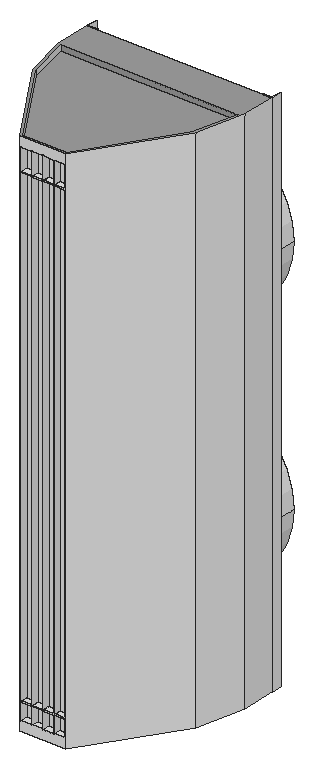
Revit family "Guard Pro 150E", category Wyposażenie mechaniczne, Revit 2018
Family settings
  Wymiar okrągłego złącza = Użyj średnicy
  Klasyfikacja = Brak
  Typ części = Normalny
  Oparty na płaszczyźnie roboczej = Nie
  Zawsze pionowo = Tak
  Tnij formami wycięć po wczytaniu = Nie
  Współdzielony = Nie
  Punkt obliczania pomieszczeń = Nie
Parameters (values of type "Guard Pro 150E")
  материал = Powder lak coated Steel
  двигатель потребление тока = 2.4 A
  Скорость воздушного потока [instance] = 0.0 m/s
  Потребление тока = 17 A
  Номинальная тепловая мощность [instance] = 14000 W
  Напряжение питания нагревателя = 400 V
  Напряжение питания = 230 V
  Мощность электродвигателя = 500 W
  Масса = 45.00 kg
  Максимальный расход воздуха = 6700 m³/h
  Максимальная высота двери = 8 mm
  Класс защиты = "IP54"
  Длина завесы = 1500 mm
  Диаметры патрубков = "19.1"
  Opis = "Промышленная воздушно-тепловая завеса"
  Fan3 = no
  высота вентилятора 2 = 1088 mm
  высота вентилятора 1 = 412 mm
  Producent = "SONNIGER Polska Sp. z o.o. Sp. k."
  Model = "Guard Pro 150W"
  Autor = "www.archispace.pl"
Reference planes
  plane 1 "Środek (Przód/Tył)": y = 0
  plane 2: z = 0
  plane 3 "Środek (Lewa/Prawa)": x = 0
  plane 4 "wysokość": z = 1500
Forms (mm)
  Extrusion 1, solid, material "Powder lak coated Steel" <- "материал"
    sketch origin (0, 0, 0) x (1, 0, 0) y (0, 1, 0)
      loop
        line (-260, 0) -> (-260, -98) -> (-228.987, -228) -> (-64, -480) -> (64, -480) -> (228.987, -228) -> (260.988, -93.861) -> (260.988, 0) -> (-260, 0)
    from 0 to 1500
  Extrusion 2, void, detail levels fine
    sketch origin (-64, -480, 0) x (-1, 0, 0) y (0, 0, 1)
      loop
        line (-31.536, 1410.02) -> (-31.536, 75.02) -> (-1.411, 75.02) -> (-1.411, 1410.02) -> (-31.536, 1410.02)
      loop
        line (-33.036, 1410.02) -> (-63.161, 1410.02) -> (-63.161, 75.02) -> (-33.036, 75.02) -> (-33.036, 1410.02)
      loop
        line (-64.661, 75.02) -> (-64.661, 1410.02) -> (-94.786, 1410.02) -> (-94.786, 75.02) -> (-64.661, 75.02)
      loop
        line (-96.411, 1410.02) -> (-126.411, 1410.02) -> (-126.411, 75.02) -> (-96.411, 75.02) -> (-96.411, 1410.02)
      loop
        line (-96.411, 1411.52) -> (-96.411, 1474.42) -> (-126.411, 1474.42) -> (-126.411, 1411.52) -> (-96.411, 1411.52)
      loop
        line (-94.786, 1411.52) -> (-64.661, 1411.52) -> (-64.661, 1474.42) -> (-94.786, 1474.42) -> (-94.786, 1411.52)
      loop
        line (-63.161, 1411.52) -> (-33.036, 1411.52) -> (-33.036, 1474.42) -> (-63.161, 1474.42) -> (-63.161, 1411.52)
      loop
        line (-31.536, 1411.52) -> (-1.411, 1411.52) -> (-1.411, 1474.42) -> (-31.536, 1474.42) -> (-31.536, 1411.52)
      loop
        line (-1.411, 25.62) -> (-1.411, 73.52) -> (-31.536, 73.52) -> (-31.536, 25.62) -> (-1.411, 25.62)
      loop
        line (-33.036, 73.52) -> (-63.161, 73.52) -> (-63.161, 25.62) -> (-33.036, 25.62) -> (-33.036, 73.52)
      loop
        line (-64.661, 73.52) -> (-94.786, 73.52) -> (-94.786, 25.62) -> (-64.661, 25.62) -> (-64.661, 73.52)
      loop
        line (-96.286, 73.52) -> (-126.411, 73.52) -> (-126.411, 25.62) -> (-96.286, 25.62) -> (-96.286, 73.52)
    from 0 to 20
  Extrusion 3, solid, material "Powder lak coated Steel" <- "материал"
    sketch origin (-1359.541, 0, 0) x (1, 0, 0) y (0, 0, -1)
      loop
        circle (1360.528, -412) r 242
    from 0 to 98
  Extrusion 4, solid, material "Powder lak coated Steel" <- "материал"
    sketch origin (-1359.541, 0, 676) x (1, 0, 0) y (0, 0, -1)
      loop
        circle (1360.528, -412) r 242
    from 0 to 98
  Extrusion 5, solid, material "Powder lak coated Steel" <- "материал", detail levels coarse
    sketch origin (-1359.541, 98, 676) x (1, 0, 0) y (0, 0, -1)
      loop
        circle (1358.702, -412) r 40.77
    from 0 to 28.5
  Extrusion 6, solid, material "Powder lak coated Steel" <- "материал", detail levels coarse
    sketch origin (-1359.541, 98, 0) x (1, 0, 0) y (0, 0, -1)
      loop
        circle (1359.541, -412) r 41.364
    from 0 to 28.5
  Extrusion 7, solid, material "Powder lak coated Steel" <- "материал", detail levels medium+fine
    sketch origin (0, 0, 0) x (1, 0, 0) y (0, 1, 0)
      loop
        line (-257.512, 2.502) -> (-257.512, 30) -> (-259.012, 30) -> (-259.012, 2.5)
        arc (-259.012, 2.5) -> (-258.28, 0.732) -> (-256.512, 0) r 2.5
        line (-256.512, 0) -> (-231.985, 0) -> (-231.985, 1.5) -> (-256.512, 1.5)
        arc (-256.512, 1.5) -> (-257.22, 1.795) -> (-257.512, 2.502) r 1
      loop
        line (259.488, 30) -> (259.488, 2.5)
        arc (259.488, 2.5) -> (259.195, 1.793) -> (258.488, 1.5) r 1
        line (258.488, 1.5) -> (233.988, 1.5) -> (233.988, 0) -> (258.488, 0)
        arc (258.488, 0) -> (260.255, 0.735) -> (260.988, 2.503) r 2.5
        line (260.988, 2.503) -> (260.988, 30) -> (259.488, 30)
    from 0 to 1500
  Extrusion 8, void, detail levels medium+fine
    sketch origin (0, 0, 0) x (1, 0, 0) y (0, 1, 0)
      loop
        line (60.875, -473.318) -> (221.487, -228) -> (250.687, -105.6) -> (-250.687, -105.6) -> (-221.487, -228) -> (-60.875, -473.318) -> (60.875, -473.318)
    from 1485.666 to 2433.194
  Extrusion 9, void, detail levels medium+fine
    sketch origin (0, 0, 0) x (1, 0, 0) y (0, 1, 0)
      loop
        line (-221.487, -228) -> (-60.875, -473.318) -> (60.875, -473.318) -> (221.487, -228) -> (250.687, -105.6) -> (-250.687, -105.6) -> (-221.487, -228)
    from -69.313 to 11.43
  Extrusion 10, solid, detail levels medium+fine
    sketch origin (-1359.541, 98, 676) x (1, 0, 0) y (0, 0, -1)
      loop
        line (1345.504, 225.295) -> (1372.553, 225.295)
        arc (1372.553, 225.295) -> (1388.02, 235.009) -> (1397.733, 250.475) r 41
        line (1397.733, 250.475) -> (1397.733, 277.525)
        arc (1397.733, 277.525) -> (1388.02, 292.991) -> (1372.553, 302.705) r 41
        line (1372.553, 302.705) -> (1345.504, 302.705)
        arc (1345.504, 302.705) -> (1330.037, 292.991) -> (1320.323, 277.525) r 41
        line (1320.323, 277.525) -> (1320.323, 250.475)
        arc (1320.323, 250.475) -> (1330.037, 235.009) -> (1345.504, 225.295) r 41
    from 0 to 28.5
  Extrusion 11, solid, detail levels medium+fine
    sketch origin (-1359.541, 98, 1352.306) x (1, 0, 0) y (0, 0, -1)
      loop
        line (1345.504, 225.601) -> (1372.553, 225.601)
        arc (1372.553, 225.601) -> (1388.02, 235.314) -> (1397.733, 250.781) r 41
        line (1397.733, 250.781) -> (1397.733, 277.83)
        arc (1397.733, 277.83) -> (1388.02, 293.297) -> (1372.553, 303.011) r 41
        line (1372.553, 303.011) -> (1345.504, 303.011)
        arc (1345.504, 303.011) -> (1330.037, 293.297) -> (1320.323, 277.83) r 41
        line (1320.323, 277.83) -> (1320.323, 250.781)
        arc (1320.323, 250.781) -> (1330.037, 235.314) -> (1345.504, 225.601) r 41
    from 0 to 28.5
Cuts and joins
  Extrusion 2, Extrusion 8, Extrusion 9 cuts Extrusion 1
Lines and regions (mm)
  Split face 1
    outline origin (228.987, -228, 1500) x (0, 0, -1) y (0.23205, 0.972704, 0)
      loop
        line (32.508, 13.225) -> (268.508, 13.225) -> (268.508, 75.225) -> (32.508, 75.225) -> (32.508, 13.225)
Dimensions and locks
  "Длина завесы": plane 4 "wysokość" to level
  "высота вентилятора 1": cut or joined group of Extrusion 1, Extrusion 2, Extrusion 8, Extrusion 9 to Extrusion 3 sketch curve
  "высота вентилятора 2": cut or joined group of Extrusion 1, Extrusion 2, Extrusion 8, Extrusion 9 to Extrusion 4 sketch curve
  "высота вентилятора 2": level to Extrusion 5 sketch curve
  "высота вентилятора 1": cut or joined group of Extrusion 1, Extrusion 2, Extrusion 8, Extrusion 9 to Extrusion 6 sketch curve
  locked: cut or joined group of Extrusion 1, Extrusion 2, Extrusion 8, Extrusion 9 to plane 4 "wysokość" at 14.334
  "высота вентилятора 1": level to Extrusion 10 sketch curve
  "высота вентилятора 2": level to Extrusion 11 sketch curve
  locked: cut or joined group of Extrusion 1, Extrusion 2, Extrusion 8, Extrusion 9 to Split face 1 at 32.508
  aligned and locked: level to plane 2
  aligned and locked: plane 4 "wysokość" to Extrusion 1
  aligned and locked: Extrusion 6 to Extrusion 3
  aligned and locked: Extrusion 6 to Extrusion 5
  aligned and locked: plane 4 "wysokość" to Extrusion 7
  aligned and locked: Extrusion 10 to Extrusion 3
Automatic sketch dimensions
  plane 1 "Środek (Przód/Tył)" to Extrusion 1 sketch curve = 0 mm
  plane 1 "Środek (Przód/Tył)" to Extrusion 1 sketch curve = 98 mm
  Extrusion 1 sketch curve to plane 3 "Środek (Lewa/Prawa)" = 260 mm
  Extrusion 1 sketch curve to Extrusion 1 sketch curve = 31.013 mm
  Extrusion 1 sketch curve to plane 3 "Środek (Lewa/Prawa)" = 64 mm
  plane 3 "Środek (Lewa/Prawa)" to Extrusion 1 sketch curve = 64 mm
  plane 3 "Środek (Lewa/Prawa)" to Extrusion 1 sketch curve = 228.987 mm
  Extrusion 1 sketch curve to Extrusion 1 sketch curve = 32.001 mm
  Extrusion 1 sketch curve to Extrusion 1 sketch curve = 130 mm
  plane 1 "Środek (Przód/Tył)" to Extrusion 1 sketch curve = 228 mm
  Extrusion 1 sketch curve to Extrusion 1 sketch curve = 252 mm
  Extrusion 1 sketch curve to Extrusion 1 sketch curve = 93.861 mm
  Extrusion 1 to Extrusion 2 sketch curve = 1.589 mm  (x3)
  Extrusion 2 sketch curve to Extrusion 2 sketch curve = 30 mm
  Extrusion 2 sketch curve to Extrusion 2 sketch curve = 0 mm  (x13)
  Extrusion 2 sketch curve to Extrusion 2 sketch curve = 0.125 mm
  Extrusion 2 sketch curve to Extrusion 2 sketch curve = 1.625 mm  (x2)
  Extrusion 2 sketch curve to Extrusion 2 sketch curve = 1.5 mm  (x14)
  Extrusion 2 sketch curve to Extrusion 2 sketch curve = 30.125 mm  (x3)
  Extrusion 2 sketch curve to Extrusion 1 = 1.411 mm  (x3)
  Extrusion 2 sketch curve to Extrusion 1 = 25.62 mm  (x2)
  Extrusion 2 sketch curve to Extrusion 2 sketch curve = 47.9 mm
  Extrusion 2 sketch curve to Extrusion 1 = 89.98 mm  (x2)
  Extrusion 2 sketch curve to Extrusion 1 = 25.58 mm  (x3)
  plane 1 "Środek (Przód/Tył)" to Extrusion 7 sketch curve = 0 mm  (x2)
  Extrusion 7 sketch curve to plane 1 "Środek (Przód/Tył)" = 30 mm
  Extrusion 7 sketch curve to plane 3 "Środek (Lewa/Prawa)" = 259.012 mm
  Extrusion 7 sketch curve to Extrusion 7 sketch curve = 1.5 mm  (x3)
  Extrusion 7 sketch curve to Extrusion 7 sketch curve = 1 mm  (x3)
  Extrusion 7 sketch curve to Extrusion 7 sketch curve = 0 mm  (x10)
  Extrusion 7 sketch curve to plane 1 "Środek (Przód/Tył)" = 1.5 mm
  Extrusion 7 sketch curve to Extrusion 7 sketch curve = 24.528 mm
  plane 3 "Środek (Lewa/Prawa)" to Extrusion 7 sketch curve = 233.988 mm
  Extrusion 7 sketch curve to plane 1 "Środek (Przód/Tył)" = 2.503 mm
  Extrusion 7 sketch curve to Extrusion 7 sketch curve = 24.5 mm
  Extrusion 7 sketch curve to Extrusion 7 sketch curve = 0.003 mm
  Extrusion 7 sketch curve to Extrusion 7 sketch curve = 0.002 mm
  Extrusion 7 sketch curve to Extrusion 7 sketch curve = 27.5 mm
  plane 1 "Środek (Przód/Tył)" to Extrusion 8 sketch curve = 105.6 mm
  Extrusion 8 sketch curve to plane 3 "Środek (Lewa/Prawa)" = 250.687 mm
  Extrusion 8 sketch curve to Extrusion 8 sketch curve = 29.2 mm  (x2)
  Extrusion 8 sketch curve to plane 3 "Środek (Lewa/Prawa)" = 60.875 mm
  plane 3 "Środek (Lewa/Prawa)" to Extrusion 8 sketch curve = 60.875 mm
  plane 3 "Środek (Lewa/Prawa)" to Extrusion 8 sketch curve = 221.487 mm
  Extrusion 8 sketch curve to Extrusion 8 sketch curve = 122.4 mm  (x2)
  Extrusion 8 sketch curve to Extrusion 8 sketch curve = 245.318 mm
  plane 1 "Środek (Przód/Tył)" to Extrusion 9 sketch curve = 105.6 mm
  Extrusion 9 sketch curve to plane 3 "Środek (Lewa/Prawa)" = 250.687 mm
  Extrusion 9 sketch curve to Extrusion 9 sketch curve = 29.2 mm  (x2)
  Extrusion 9 sketch curve to plane 3 "Środek (Lewa/Prawa)" = 60.875 mm
  plane 3 "Środek (Lewa/Prawa)" to Extrusion 9 sketch curve = 60.875 mm
  plane 3 "Środek (Lewa/Prawa)" to Extrusion 9 sketch curve = 221.487 mm
  Extrusion 9 sketch curve to Extrusion 9 sketch curve = 122.4 mm  (x2)
  Extrusion 9 sketch curve to Extrusion 9 sketch curve = 245.318 mm
  Split face 1 sketch curve to cut or joined group of Extrusion 1, Extrusion 2, Extrusion 8, Extrusion 9 = 32.508 mm
  Split face 1 sketch curve to cut or joined group of Extrusion 1, Extrusion 2, Extrusion 8, Extrusion 9 = 62.679 mm
  Split face 1 sketch curve to Split face 1 sketch curve = 236 mm
  cut or joined group of Extrusion 1, Extrusion 2, Extrusion 8, Extrusion 9 to Split face 1 sketch curve = 13.225 mm
  Extrusion 3 sketch curve to Extrusion 1 = 260 mm
  Extrusion 4 sketch curve to Extrusion 1 = 260 mm
  Extrusion 10 sketch curve to Extrusion 10 sketch curve = 0 mm  (x6)
  Extrusion 10 sketch curve to plane 3 "Środek (Lewa/Prawa)" = 39.218 mm
  Extrusion 10 sketch curve to plane 3 "Środek (Lewa/Prawa)" = 14.037 mm  (x2)
  Extrusion 10 sketch curve to plane 3 "Środek (Lewa/Prawa)" = 0.512 mm
  plane 3 "Środek (Lewa/Prawa)" to Extrusion 10 sketch curve = 13.012 mm  (x2)
  Extrusion 10 sketch curve to Extrusion 10 sketch curve = 25.18 mm
  Extrusion 10 sketch curve to Extrusion 10 sketch curve = 13.525 mm
  Extrusion 10 sketch curve to Extrusion 10 sketch curve = 27.049 mm
  Extrusion 11 sketch curve to Extrusion 11 sketch curve = 0 mm  (x6)
  Extrusion 11 sketch curve to plane 3 "Środek (Lewa/Prawa)" = 39.218 mm
  Extrusion 11 sketch curve to plane 3 "Środek (Lewa/Prawa)" = 14.037 mm  (x2)
  Extrusion 11 sketch curve to plane 3 "Środek (Lewa/Prawa)" = 0.512 mm
  plane 3 "Środek (Lewa/Prawa)" to Extrusion 11 sketch curve = 13.012 mm  (x2)
  Extrusion 11 sketch curve to Extrusion 11 sketch curve = 25.18 mm
  Extrusion 11 sketch curve to Extrusion 11 sketch curve = 13.525 mm
  Extrusion 11 sketch curve to Extrusion 11 sketch curve = 27.049 mm
  radius of Extrusion 3 sketch curve = 242 mm
  radius of Extrusion 4 sketch curve = 242 mm
  radius of Extrusion 5 sketch curve = 40.77 mm
  radius of Extrusion 6 sketch curve = 41.364 mm
Connectors
  electrical at (0.494, 0, 750), driven by "Напряжение питания"
    settings: on cut or joined group of Extrusion 1, Extrusion 2, Extrusion 8, Extrusion 9, index 1, voltage 230 V, apparent load 0.0 kVA, apparent load phase1 0.5 kVA, apparent load phase2 0.0 kVA, apparent load phase3 0.0 kVA, power factor 1, load classification "Moc", number of poles 1, system type 31, power factor state 1, is connector primary yes, connector utility no, sub classification motor no, connector description ""
